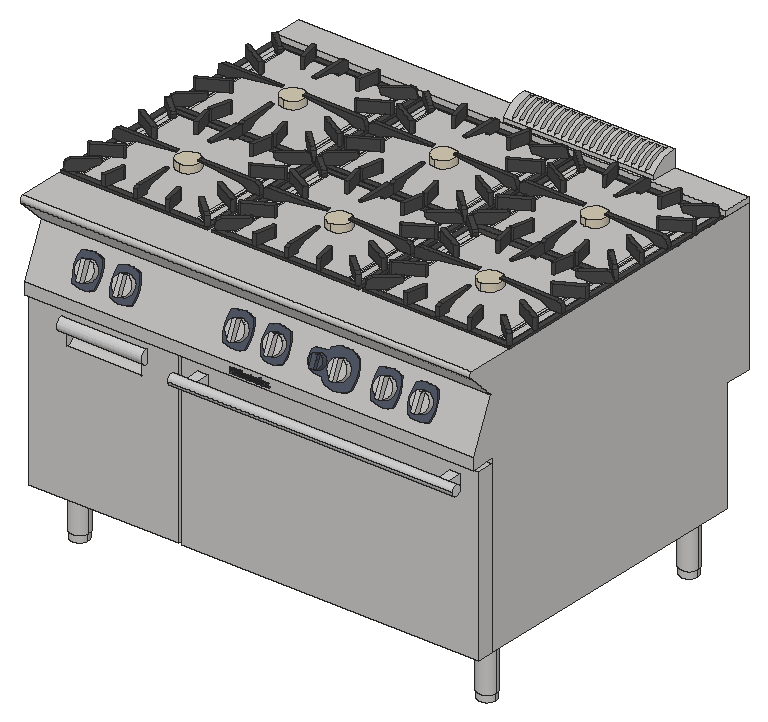
Revit family "QF_ELECTROLUXPROFESSIONAL_391583_E9AAOTBFMII", category Attrezzature speciali, Revit 2018 (continued)
Automatic sketch dimensions
  Extrusion 36 sketch curve to Extrusion 36 sketch curve = 0.503 mm
  plane 7 "Center Y" to Extrusion 36 sketch curve = 48.995 mm
  Extrusion 36 sketch curve to Extrusion 36 sketch curve = 0.488 mm
  plane 7 "Center Y" to Extrusion 36 sketch curve = 52.922 mm
  Extrusion 36 sketch curve to Extrusion 36 sketch curve = 0.462 mm
  Extrusion 36 sketch curve to Extrusion 36 sketch curve = 1.386 mm
  Extrusion 36 sketch curve to Extrusion 36 sketch curve = 1.742 mm
  Extrusion 36 sketch curve to Extrusion 36 sketch curve = 0.821 mm
  Extrusion 36 sketch curve to Extrusion 36 sketch curve = 0.497 mm
  Extrusion 36 sketch curve to Extrusion 36 sketch curve = 0.539 mm
  Extrusion 36 sketch curve to Extrusion 36 sketch curve = 0.686 mm
  Extrusion 36 sketch curve to plane 7 "Center Y" = 0.042 mm
  Extrusion 36 sketch curve to Extrusion 36 sketch curve = 0.408 mm
  Extrusion 36 sketch curve to Extrusion 36 sketch curve = 0.743 mm
  Extrusion 36 sketch curve to Extrusion 36 sketch curve = 1.16 mm
  Extrusion 36 sketch curve to Extrusion 36 sketch curve = 0.329 mm
  Extrusion 36 sketch curve to Extrusion 36 sketch curve = 1.054 mm
  Extrusion 36 sketch curve to Extrusion 36 sketch curve = 1.056 mm
  Extrusion 36 sketch curve to Extrusion 36 sketch curve = 0.129 mm
  Extrusion 36 sketch curve to Extrusion 36 sketch curve = 0.489 mm
  Extrusion 36 sketch curve to plane 7 "Center Y" = 0.376 mm
  Extrusion 36 sketch curve to Extrusion 36 sketch curve = 0.441 mm
  Extrusion 36 sketch curve to Extrusion 36 sketch curve = 1.151 mm
  Extrusion 36 sketch curve to Extrusion 36 sketch curve = 1.141 mm  (x2)
  Extrusion 36 sketch curve to Extrusion 36 sketch curve = 0.768 mm
  Extrusion 36 sketch curve to Extrusion 36 sketch curve = 1.653 mm
  Extrusion 36 sketch curve to Extrusion 36 sketch curve = 0.499 mm
  Extrusion 36 sketch curve to Extrusion 36 sketch curve = 0.964 mm
  Extrusion 36 sketch curve to Extrusion 36 sketch curve = 0.949 mm
  Extrusion 36 sketch curve to Extrusion 36 sketch curve = 1.345 mm  (x3)
  Extrusion 36 sketch curve to Extrusion 36 sketch curve = 1.101 mm
  Extrusion 36 sketch curve to Extrusion 36 sketch curve = 0.432 mm
  Extrusion 36 sketch curve to Extrusion 36 sketch curve = 1.142 mm
  Extrusion 36 sketch curve to Extrusion 36 sketch curve = 0.959 mm
  Extrusion 36 sketch curve to Extrusion 36 sketch curve = 0.176 mm
  Extrusion 36 sketch curve to Extrusion 36 sketch curve = 0.728 mm
  Extrusion 36 sketch curve to Extrusion 36 sketch curve = 3.375 mm  (x2)
  Extrusion 36 sketch curve to Extrusion 36 sketch curve = 0.541 mm
  Extrusion 36 sketch curve to Extrusion 36 sketch curve = 0.955 mm
  Extrusion 36 sketch curve to Extrusion 36 sketch curve = 1.251 mm
  Extrusion 36 sketch curve to Extrusion 36 sketch curve = 0.572 mm
  plane 7 "Center Y" to Extrusion 36 sketch curve = 47.619 mm
  Extrusion 36 sketch curve to Extrusion 36 sketch curve = 1.92 mm
  Extrusion 36 sketch curve to Extrusion 36 sketch curve = 1.224 mm
  Extrusion 36 sketch curve to Extrusion 36 sketch curve = 0.745 mm
  Extrusion 36 sketch curve to Extrusion 36 sketch curve = 0.036 mm
  Extrusion 36 sketch curve to Extrusion 36 sketch curve = 0.896 mm  (x3)
  Extrusion 36 sketch curve to Extrusion 36 sketch curve = 2.607 mm
  Extrusion 36 sketch curve to Extrusion 36 sketch curve = 0.066 mm
  Extrusion 36 sketch curve to Extrusion 36 sketch curve = 0.248 mm
  Extrusion 36 sketch curve to Extrusion 36 sketch curve = 0.449 mm
  plane 7 "Center Y" to Extrusion 36 sketch curve = 46.838 mm
  Extrusion 36 sketch curve to Extrusion 36 sketch curve = 1.052 mm
  Extrusion 36 sketch curve to Extrusion 36 sketch curve = 1.863 mm
  Extrusion 36 sketch curve to Extrusion 36 sketch curve = 1.31 mm  (x2)
  Extrusion 36 sketch curve to Extrusion 36 sketch curve = 0.901 mm
  Extrusion 36 sketch curve to Extrusion 36 sketch curve = 1.107 mm
  Extrusion 36 sketch curve to Extrusion 36 sketch curve = 2.122 mm
  Extrusion 36 sketch curve to Extrusion 36 sketch curve = 2.101 mm
  Extrusion 36 sketch curve to Extrusion 36 sketch curve = 0.106 mm
  Extrusion 36 sketch curve to Extrusion 36 sketch curve = 0.029 mm
  plane 7 "Center Y" to Extrusion 36 sketch curve = 49.641 mm
  Extrusion 36 sketch curve to Extrusion 36 sketch curve = 2.09 mm
  Extrusion 36 sketch curve to Extrusion 36 sketch curve = 1.279 mm
  Extrusion 36 sketch curve to Extrusion 36 sketch curve = 2.008 mm
  Extrusion 36 sketch curve to Extrusion 36 sketch curve = 0.738 mm
  Extrusion 36 sketch curve to Extrusion 36 sketch curve = 0.382 mm
  Extrusion 36 sketch curve to Extrusion 36 sketch curve = 0.384 mm
  Extrusion 36 sketch curve to Extrusion 36 sketch curve = 0.002 mm
  Extrusion 36 sketch curve to Extrusion 36 sketch curve = 0.561 mm
  Extrusion 36 sketch curve to Extrusion 36 sketch curve = 0.592 mm
  Extrusion 36 sketch curve to Extrusion 36 sketch curve = 2.692 mm
  Extrusion 36 sketch curve to Extrusion 36 sketch curve = 1.259 mm
  plane 7 "Center Y" to Extrusion 36 sketch curve = 48.858 mm
  Extrusion 36 sketch curve to Extrusion 36 sketch curve = 0.802 mm
  Extrusion 36 sketch curve to Extrusion 36 sketch curve = 1.024 mm
  Extrusion 36 sketch curve to Extrusion 36 sketch curve = 0.682 mm
  Extrusion 36 sketch curve to Extrusion 36 sketch curve = 5.934 mm
  Extrusion 36 sketch curve to Extrusion 36 sketch curve = 2.186 mm
  Extrusion 36 sketch curve to Extrusion 36 sketch curve = 0.337 mm
  Extrusion 36 sketch curve to Extrusion 36 sketch curve = 0.021 mm
  Extrusion 36 sketch curve to Extrusion 36 sketch curve = 1.005 mm
  Extrusion 36 sketch curve to Extrusion 36 sketch curve = 0.552 mm
  Extrusion 36 sketch curve to Extrusion 36 sketch curve = 0.778 mm
  Extrusion 36 sketch curve to Extrusion 36 sketch curve = 0.063 mm
  Extrusion 36 sketch curve to Extrusion 36 sketch curve = 1.023 mm
  Extrusion 36 sketch curve to Extrusion 36 sketch curve = 3.804 mm
  Extrusion 36 sketch curve to Extrusion 36 sketch curve = 0.486 mm
  Extrusion 36 sketch curve to Extrusion 36 sketch curve = 0.266 mm
  Extrusion 36 sketch curve to plane 7 "Center Y" = 0.787 mm
  Extrusion 36 sketch curve to Extrusion 36 sketch curve = 1.547 mm
  Extrusion 36 sketch curve to Extrusion 36 sketch curve = 0.717 mm  (x2)
  Extrusion 36 sketch curve to Extrusion 36 sketch curve = 1.667 mm
  plane 7 "Center Y" to Extrusion 36 sketch curve = 44.532 mm
  Extrusion 36 sketch curve to Extrusion 36 sketch curve = 3.174 mm
  plane 7 "Center Y" to Extrusion 36 sketch curve = 0.368 mm
  Extrusion 36 sketch curve to Extrusion 36 sketch curve = 0.388 mm
  Extrusion 36 sketch curve to Extrusion 36 sketch curve = 1.342 mm
  plane 7 "Center Y" to Extrusion 36 sketch curve = 50.135 mm
  Extrusion 36 sketch curve to Extrusion 36 sketch curve = 1.521 mm
  plane 7 "Center Y" to Extrusion 36 sketch curve = 51.694 mm
  Extrusion 36 sketch curve to Extrusion 36 sketch curve = 0.124 mm
  Extrusion 36 sketch curve to Extrusion 36 sketch curve = 0.291 mm
  plane 7 "Center Y" to Extrusion 36 sketch curve = 7.285 mm
  Extrusion 36 sketch curve to Extrusion 36 sketch curve = 1.049 mm  (x2)
  plane 7 "Center Y" to Extrusion 36 sketch curve = 47.668 mm
  Extrusion 36 sketch curve to Extrusion 36 sketch curve = 1.7 mm
  Extrusion 36 sketch curve to Extrusion 36 sketch curve = 0.894 mm
  Extrusion 36 sketch curve to Extrusion 36 sketch curve = 0.989 mm
  Extrusion 36 sketch curve to Extrusion 36 sketch curve = 1.168 mm
  Extrusion 36 sketch curve to Extrusion 36 sketch curve = 1.594 mm
  Extrusion 36 sketch curve to Extrusion 36 sketch curve = 0.731 mm
  Extrusion 36 sketch curve to Extrusion 36 sketch curve = 1.566 mm
  Extrusion 36 sketch curve to Extrusion 36 sketch curve = 0.064 mm
  plane 7 "Center Y" to Extrusion 36 sketch curve = 7.842 mm
  Extrusion 36 sketch curve to Extrusion 36 sketch curve = 0.556 mm
  Extrusion 36 sketch curve to Extrusion 36 sketch curve = 0.48 mm
  Extrusion 36 sketch curve to Extrusion 36 sketch curve = 0.228 mm
  Extrusion 36 sketch curve to Extrusion 36 sketch curve = 1.018 mm
  plane 7 "Center Y" to Extrusion 36 sketch curve = 37.429 mm
  Extrusion 36 sketch curve to Extrusion 36 sketch curve = 0.787 mm
  Extrusion 36 sketch curve to Extrusion 36 sketch curve = 0.618 mm
  plane 7 "Center Y" to Extrusion 36 sketch curve = 42.486 mm
  Extrusion 36 sketch curve to Extrusion 36 sketch curve = 1.672 mm
  plane 7 "Center Y" to Extrusion 36 sketch curve = 53.436 mm
  Extrusion 36 sketch curve to Extrusion 36 sketch curve = 1.361 mm
  Extrusion 36 sketch curve to Extrusion 36 sketch curve = 0.822 mm
  Extrusion 36 sketch curve to Extrusion 36 sketch curve = 0.069 mm
  Extrusion 36 sketch curve to Extrusion 36 sketch curve = 1.88 mm
  plane 7 "Center Y" to Extrusion 36 sketch curve = 35.269 mm
  Extrusion 36 sketch curve to Extrusion 36 sketch curve = 0.42 mm
  Extrusion 36 sketch curve to Extrusion 36 sketch curve = 0.062 mm
  Extrusion 36 sketch curve to Extrusion 36 sketch curve = 1.355 mm
  Extrusion 36 sketch curve to Extrusion 36 sketch curve = 2.34 mm
  Extrusion 36 sketch curve to Extrusion 36 sketch curve = 0.493 mm
  Extrusion 36 sketch curve to Extrusion 36 sketch curve = 0.136 mm
  Extrusion 36 sketch curve to Extrusion 36 sketch curve = 0.128 mm
  Extrusion 36 sketch curve to Extrusion 36 sketch curve = 3.616 mm
  Extrusion 36 sketch curve to Extrusion 36 sketch curve = 4.207 mm
  Extrusion 36 sketch curve to Extrusion 36 sketch curve = 0.183 mm
  Extrusion 36 sketch curve to Extrusion 36 sketch curve = 0.895 mm
  Extrusion 36 sketch curve to Extrusion 36 sketch curve = 1.314 mm
  Extrusion 36 sketch curve to Extrusion 36 sketch curve = 3.231 mm
  Extrusion 36 sketch curve to plane 7 "Center Y" = 23.526 mm
  Extrusion 36 sketch curve to Extrusion 36 sketch curve = 1.299 mm
  Extrusion 36 sketch curve to Extrusion 36 sketch curve = 1.214 mm
  plane 7 "Center Y" to Extrusion 36 sketch curve = 26.369 mm
  Extrusion 36 sketch curve to Extrusion 36 sketch curve = 1.264 mm
  Extrusion 36 sketch curve to Extrusion 36 sketch curve = 0.109 mm
  Extrusion 36 sketch curve to Extrusion 36 sketch curve = 0.357 mm
  Extrusion 36 sketch curve to Extrusion 36 sketch curve = 0.565 mm
  Extrusion 36 sketch curve to Extrusion 36 sketch curve = 2.504 mm
  Extrusion 36 sketch curve to Extrusion 36 sketch curve = 2.459 mm
  Extrusion 36 sketch curve to Extrusion 36 sketch curve = 0.983 mm
  Extrusion 36 sketch curve to Extrusion 36 sketch curve = 0.422 mm  (x2)
  Extrusion 36 sketch curve to Extrusion 36 sketch curve = 1.268 mm
  Extrusion 36 sketch curve to Extrusion 36 sketch curve = 0.671 mm
  Extrusion 36 sketch curve to Extrusion 36 sketch curve = 1.634 mm
  Extrusion 36 sketch curve to Extrusion 36 sketch curve = 0.132 mm
  Extrusion 36 sketch curve to Extrusion 36 sketch curve = 0.586 mm
  Extrusion 36 sketch curve to Extrusion 36 sketch curve = 1.241 mm
  Extrusion 36 sketch curve to Extrusion 36 sketch curve = 1.689 mm
  Extrusion 36 sketch curve to Extrusion 36 sketch curve = 0.627 mm
  Extrusion 36 sketch curve to Extrusion 36 sketch curve = 0.419 mm
  Extrusion 36 sketch curve to Extrusion 36 sketch curve = 1.514 mm
  Extrusion 36 sketch curve to Extrusion 36 sketch curve = 1.019 mm
  Extrusion 36 sketch curve to Extrusion 36 sketch curve = 0.065 mm
  Extrusion 36 sketch curve to Extrusion 36 sketch curve = 1.215 mm
  Extrusion 36 sketch curve to Extrusion 36 sketch curve = 1.122 mm
  Extrusion 36 sketch curve to Extrusion 36 sketch curve = 1.153 mm
  Extrusion 36 sketch curve to Extrusion 36 sketch curve = 1.223 mm
  Extrusion 36 sketch curve to Extrusion 36 sketch curve = 0.934 mm
  Extrusion 36 sketch curve to Extrusion 36 sketch curve = 3.376 mm
  Extrusion 36 sketch curve to Extrusion 36 sketch curve = 0.222 mm
  Extrusion 36 sketch curve to Extrusion 36 sketch curve = 1.383 mm
  Extrusion 36 sketch curve to Extrusion 36 sketch curve = 1.556 mm
  Extrusion 36 sketch curve to Extrusion 36 sketch curve = 2.559 mm
  Extrusion 36 sketch curve to Extrusion 36 sketch curve = 2.51 mm
  Extrusion 36 sketch curve to Extrusion 36 sketch curve = 0.131 mm
  Extrusion 36 sketch curve to Extrusion 36 sketch curve = 1.134 mm
  Extrusion 36 sketch curve to Extrusion 36 sketch curve = 0.094 mm
  Extrusion 36 sketch curve to Extrusion 36 sketch curve = 1.584 mm
  Extrusion 36 sketch curve to Extrusion 36 sketch curve = 0.27 mm
  Extrusion 36 sketch curve to Extrusion 36 sketch curve = 0.916 mm
  Extrusion 36 sketch curve to Extrusion 36 sketch curve = 0.352 mm
  Extrusion 36 sketch curve to Extrusion 36 sketch curve = 0.458 mm
  Extrusion 36 sketch curve to Extrusion 36 sketch curve = 1.282 mm
  Extrusion 36 sketch curve to Extrusion 36 sketch curve = 1.363 mm
  Extrusion 36 sketch curve to Extrusion 36 sketch curve = 0.685 mm
  Extrusion 36 sketch curve to Extrusion 36 sketch curve = 0.905 mm
  Extrusion 36 sketch curve to Extrusion 36 sketch curve = 1.477 mm
  Extrusion 36 sketch curve to Extrusion 36 sketch curve = 0.472 mm
  Extrusion 36 sketch curve to Extrusion 36 sketch curve = 0.101 mm
  Extrusion 36 sketch curve to Extrusion 36 sketch curve = 0.54 mm
  Extrusion 36 sketch curve to Extrusion 36 sketch curve = 0.02 mm
  Extrusion 36 sketch curve to Extrusion 36 sketch curve = 0.829 mm
  Extrusion 36 sketch curve to Extrusion 36 sketch curve = 0.582 mm
  Extrusion 36 sketch curve to Extrusion 36 sketch curve = 0.166 mm
  Extrusion 36 sketch curve to Extrusion 36 sketch curve = 0.16 mm
  Extrusion 36 sketch curve to Extrusion 36 sketch curve = 1.118 mm
  Extrusion 36 sketch curve to Extrusion 36 sketch curve = 0.613 mm
  Extrusion 36 sketch curve to Extrusion 36 sketch curve = 0.781 mm
  Extrusion 36 sketch curve to Extrusion 36 sketch curve = 0.361 mm
  Extrusion 36 sketch curve to Extrusion 36 sketch curve = 0.897 mm
  Extrusion 36 sketch curve to Extrusion 36 sketch curve = 0.167 mm
  Extrusion 36 sketch curve to Extrusion 36 sketch curve = 0.292 mm
  Extrusion 36 sketch curve to Extrusion 36 sketch curve = 0.305 mm
  Extrusion 36 sketch curve to Extrusion 36 sketch curve = 1.557 mm
  Extrusion 36 sketch curve to Extrusion 36 sketch curve = 2.499 mm
  Extrusion 36 sketch curve to Extrusion 36 sketch curve = 3.062 mm
  Extrusion 36 sketch curve to Extrusion 36 sketch curve = 2.968 mm
  Extrusion 36 sketch curve to Extrusion 36 sketch curve = 5.044 mm
  Extrusion 36 sketch curve to Extrusion 36 sketch curve = 0.629 mm  (x2)
  Extrusion 36 sketch curve to Extrusion 36 sketch curve = 1.131 mm
  Extrusion 36 sketch curve to Extrusion 36 sketch curve = 0.137 mm
  Extrusion 36 sketch curve to Extrusion 36 sketch curve = 0.027 mm
  Extrusion 36 sketch curve to Extrusion 36 sketch curve = 2.046 mm
  Extrusion 36 sketch curve to Extrusion 36 sketch curve = 2.235 mm
  Revolve 37 sketch curve to plane 9 "Base" = 0 mm  (x2)
  Revolve 37 sketch curve to level = 0 mm
  Revolve 37 sketch curve to plane 18 = 0 mm  (x2)
  Revolve 37 sketch curve to Revolve 37 sketch curve = 22.9 mm
  Revolve 37 sketch curve to Revolve 37 sketch curve = 2.5 mm
  plane 9 "Base" to Revolve 37 sketch curve = 20 mm
  level to Revolve 37 sketch curve = 19.05 mm
  Revolve 38 sketch curve to plane 9 "Base" = 0 mm  (x2)
  Revolve 38 sketch curve to level = 0 mm
  Revolve 38 sketch curve to plane 18 = 0 mm  (x2)
  Revolve 38 sketch curve to Revolve 38 sketch curve = 22.9 mm
  Revolve 38 sketch curve to Revolve 38 sketch curve = 2.5 mm
  plane 9 "Base" to Revolve 38 sketch curve = 20 mm
  level to Revolve 38 sketch curve = 19.05 mm
  plane 1 "BACK" to Extrusion 39 sketch curve = 63.911 mm  (x2)
  Extrusion 39 sketch curve to plane 18 = 156.447 mm
  Extrusion 39 sketch curve to Extrusion 39 sketch curve = 9.296 mm  (x20)
  Extrusion 39 sketch curve to Extrusion 39 sketch curve = 9.397 mm  (x19)
  Extrusion 39 sketch curve to Extrusion 39 sketch curve = 0 mm  (x18)
  plane 1 "BACK" to Extrusion 39 sketch curve = 6.761 mm  (x20)
  Revolve 40 sketch curve to plane 9 "Base" = 0 mm  (x2)
  Revolve 40 sketch curve to level = 0 mm
  plane 17 to Revolve 40 sketch curve = 0 mm  (x2)
  plane 17 to Revolve 40 sketch curve = 22.9 mm
  Revolve 40 sketch curve to Revolve 40 sketch curve = 2.5 mm
  level to Revolve 40 sketch curve = 19.05 mm
  plane 9 "Base" to Revolve 40 sketch curve = 20 mm
  Revolve 41 sketch curve to plane 9 "Base" = 0 mm  (x2)
  Revolve 41 sketch curve to level = 0 mm
  plane 17 to Revolve 41 sketch curve = 0 mm  (x2)
  plane 17 to Revolve 41 sketch curve = 22.9 mm
  Revolve 41 sketch curve to Revolve 41 sketch curve = 2.5 mm
  level to Revolve 41 sketch curve = 19.05 mm
  plane 9 "Base" to Revolve 41 sketch curve = 20 mm
  radius of Extrusion 4 sketch curve = 6.4 mm
  radius of Extrusion 9 sketch curve = 12.7 mm
  radius of Extrusion 13 sketch curve = 25.4 mm
  radius of Extrusion 14 sketch curve to Extrusion 13 = 0 mm  (x2)
  radius of Extrusion 16 sketch curve = 25.4 mm
  radius of Extrusion 17 sketch curve to Extrusion 16 = 0 mm  (x2)
  radius of Extrusion 18 sketch curve = 18.37 mm
  radius of Extrusion 21 sketch curve = 25.4 mm
  radius of Extrusion 22 sketch curve to Extrusion 21 = 0 mm  (x2)
  radius of Extrusion 24 sketch curve = 25.4 mm
  radius of Extrusion 25 sketch curve to Extrusion 24 = 0 mm  (x2)
  radius of Extrusion 28 sketch curve = 25.4 mm
  radius of Extrusion 29 sketch curve to Extrusion 28 = 0 mm  (x2)
  radius of Extrusion 31 sketch curve = 25.4 mm
  radius of Extrusion 32 sketch curve to Extrusion 31 = 0 mm  (x2)
  radius of Extrusion 34 sketch curve = 25.4 mm
  radius of Extrusion 35 sketch curve to Extrusion 34 = 0 mm  (x2)
Nested families
  nested 1: "371009_BURNER" at (0, -440.6, 0), type "371009_BURNER"
    with Type Mark "", Status "", Specification by User "", Revision Code "", Item Number "", Installed By "", Identify Quantity as Lot yes, Furnished By "", Foodservice Equipment Identifier yes
  nested 2: "371009_BURNER" at (403.15, -440.6, 0), type "371009_BURNER"
    with Type Mark "", Status "", Specification by User "", Revision Code "", Item Number "", Installed By "", Identify Quantity as Lot yes, Furnished By "", Foodservice Equipment Identifier yes
  nested 3: "371009_BURNER" at (1200, -440.6, 0) x (-1, 0, 0) z (0, 0, 1), type "371009_BURNER"
    with Type Mark "", Status "", Specification by User "", Revision Code "", Item Number "", Installed By "", Identify Quantity as Lot yes, Furnished By "", Foodservice Equipment Identifier yes
  nested 4: "371009_BURNER" at (0, -440.6, 0), type "371009_BURNER"
    with Type Mark "", Status "", Specification by User "", Revision Code "", Item Number "", Installed By "", Identify Quantity as Lot yes, Furnished By "", Foodservice Equipment Identifier yes
  nested 5: "371009_BURNER" at (403.15, -440.6, 0), type "371009_BURNER"
    with Type Mark "", Status "", Specification by User "", Revision Code "", Item Number "", Installed By "", Identify Quantity as Lot yes, Furnished By "", Foodservice Equipment Identifier yes
  nested 6: "371009_BURNER" at (1200, -440.6, 0) x (-1, 0, 0) z (0, 0, 1), type "371009_BURNER"
    with Type Mark "", Status "", Specification by User "", Revision Code "", Item Number "", Installed By "", Identify Quantity as Lot yes, Furnished By "", Foodservice Equipment Identifier yes
Connectors
  piping at (1149, -665, 129), diameter 12.7
    settings: on Extrusion 4, index 1, connector inside diameter 0.50394", connector length 0 mm, flow factor 0, pipe flow 0 GPM, pressure drop 0.00 psi, fitting loss kfactor 0, connector angle 0.00°, fixture units 0, engagement length 0 mm, angle of deflection 0.00°, flow configuration 1, flow direction 1, fitting loss method 0, system type 7, joint type 0, gender type 0, connector reference index -1, connector utility 0, adjustable connector no, is connector primary yes, connector description "GAS CONNECTION"
Definition of nested family "371009_BURNER"
  Parameters
    Weight in Pounds = 0
    URL Cutsheet = ""
    URL = "www.electrolux.com"
    Type Mark [instance] = ""
    Status [instance] = ""
    Specification by User [instance] = ""
    Specification by Manufacturer = ""
    Show Clearance [instance] = yes
    Serial Number = ""
    Seismic Rating = ""
    SMACNA No = ""
    Revision Code [instance] = ""
    Omniclass Number and Title = ""
    NAFEM Spec ID Number = ""
    Model = "371009"
    Masterspec = ""
    Manufacturer = "ELECTROLUX"
    Item Number [instance] = ""
    Installed By [instance] = ""
    Identify Quantity as Lot [instance] = yes
    Furnished By [instance] = ""
    Foodservice Equipment Identifier [instance] = yes
    Description = ""
    CSI MasterFormat = ""
    CSI Master Format = ""
  Reference planes
    plane 1 "BACK": y = 0
    plane 2: z = 0
    plane 3 "LEFT": x = 0
    plane 4 "RIGHT": x = 393.7
    plane 5 "FRONT": y = -355.6
    plane 6 "TOP": z = 908.85
    plane 7 "Center Y": x = 196.85
    plane 8 "Center X": y = -177.8
    plane 9 "Base": z = 150
    plane 10: z = 850.85
  Forms (mm)
    Extrusion 1, solid
      sketch origin (-6.433, -404.961, 5) x (1, 0, 0) y (0, 0, -1)
        loop
          arc (7.142, -850.85) -> (6.739, -862.989) -> (9.761, -874.752) r 42.809
          line (9.761, -874.752) -> (19.961, -879.425) -> (173.122, -879.425)
          arc (173.122, -879.425) -> (174.316, -878.312) -> (173.289, -877.043) r 1.197
          line (173.289, -877.043) -> (64.848, -864.021)
          arc (64.848, -864.021) -> (50.111, -858.738) -> (36.589, -850.85) r 85.245
          line (36.589, -850.85) -> (7.142, -850.85)
        loop
          line (399.424, -850.85) -> (369.977, -850.85)
          arc (369.977, -850.85) -> (356.455, -858.738) -> (341.718, -864.021) r 85.245
          line (341.718, -864.021) -> (233.277, -877.043)
          arc (233.277, -877.043) -> (232.25, -878.312) -> (233.444, -879.425) r 1.197
          line (233.444, -879.425) -> (386.605, -879.425) -> (396.806, -874.752)
          arc (396.806, -874.752) -> (399.827, -862.989) -> (399.424, -850.85) r 42.809
      from 224.564 to 234.564
    Extrusion 2, solid
      sketch origin (196.85, 175.397, 1219.2) x (0, 1, 0) y (0, 0, 1)
        loop
          line (-204.463, -363.35) -> (-175.397, -363.35) -> (-175.397, -339.506)
          arc (-175.397, -339.506) -> (-181.025, -338.266) -> (-185.611, -334.775) r 13.39
          line (-185.611, -334.775) -> (-278.903, -334.775)
          arc (-278.903, -334.775) -> (-280.097, -335.888) -> (-279.07, -337.157) r 1.197
          line (-279.07, -337.157) -> (-227.151, -347.464)
          arc (-227.151, -347.464) -> (-213.741, -352.457) -> (-204.463, -363.35) r 28.426
        loop
          arc (-496.332, -363.35) -> (-487.053, -352.457) -> (-473.644, -347.464) r 28.426
          line (-473.644, -347.464) -> (-421.725, -337.157)
          arc (-421.725, -337.157) -> (-420.697, -335.888) -> (-421.891, -334.775) r 1.197
          line (-421.891, -334.775) -> (-515.184, -334.775)
          arc (-515.184, -334.775) -> (-519.769, -338.266) -> (-525.397, -339.506) r 13.39
          line (-525.397, -339.506) -> (-525.397, -363.35) -> (-496.332, -363.35)
      from -5 to 5
    Extrusion 3, solid
      sketch origin (-6.433, 367.064, 850.85) x (0, -1, 0) y (1, 0, 0)
        loop
          line (722.664, 6.433) -> (722.664, 400.133) -> (367.064, 400.133) -> (367.064, 6.433) -> (722.664, 6.433)
        loop
          line (382.064, 21.433) -> (707.664, 21.433) -> (707.664, 385.133) -> (382.064, 385.133) -> (382.064, 21.433)
      from 0 to 5
    Extrusion 4, solid
      sketch origin (-18.933, 367.064, 855.85) x (0, -1, 0) y (1, 0, 0)
        loop
          circle (541.667, 215.783) r 30
      from -1.321 to 17.134
    Extrusion 5, solid
      sketch origin (-6.433, -367.064, 0) x (1, 0, 0) y (0, 0, -1)
        loop
          line (21.433, -855.85) -> (36.589, -855.85)
          arc (36.589, -855.85) -> (40.561, -855.243) -> (44.305, -853.783) r 18.259
          arc (44.305, -853.783) -> (45.997, -853.366) -> (47.69, -853.783) r 3.649
          arc (47.69, -853.783) -> (49.901, -854.522) -> (52.232, -854.529) r 7.328
          line (52.232, -854.529) -> (354.334, -854.529)
          arc (354.334, -854.529) -> (356.666, -854.522) -> (358.877, -853.783) r 7.328
          arc (358.877, -853.783) -> (360.569, -853.366) -> (362.261, -853.783) r 3.649
          arc (362.261, -853.783) -> (366.005, -855.243) -> (369.977, -855.85) r 18.259
          line (369.977, -855.85) -> (385.133, -855.85) -> (385.133, -850.85) -> (21.433, -850.85) -> (21.433, -855.85)
      from 26.464 to 352.064
    Extrusion 6, solid
      sketch origin (83.284, -458.334, 5) x (0.742103, 0.670286, 0) y (0, 0, -1)
        loop
          arc (88.629, -864.012) -> (73.909, -858.731) -> (60.402, -850.85) r 85.245
          line (60.402, -850.85) -> (14.993, -850.85)
          arc (14.993, -850.85) -> (14.642, -862.948) -> (17.686, -874.663) r 42.876
          line (17.686, -874.663) -> (27.899, -879.425) -> (89.664, -879.425)
          arc (89.664, -879.425) -> (92.39, -878.352) -> (93.654, -875.709) r 4
          arc (93.654, -875.709) -> (92.562, -869.25) -> (88.629, -864.012) r 13.87
        loop
          arc (457.638, -864.012) -> (453.704, -869.25) -> (452.613, -875.709) r 13.87
          arc (452.613, -875.709) -> (453.876, -878.352) -> (456.603, -879.425) r 4
          line (456.603, -879.425) -> (518.367, -879.425) -> (528.581, -874.663)
          arc (528.581, -874.663) -> (531.624, -862.948) -> (531.273, -850.85) r 42.876
          line (531.273, -850.85) -> (485.865, -850.85)
          arc (485.865, -850.85) -> (472.357, -858.731) -> (457.638, -864.012) r 85.245
      from 127.064 to 137.064
    Extrusion 7, solid
      sketch origin (310.416, -458.334, 5) x (-0.742103, 0.670286, 0) y (0, 0, 1)
        loop
          arc (88.629, 864.012) -> (92.562, 869.25) -> (93.654, 875.709) r 13.87
          arc (93.654, 875.709) -> (92.39, 878.352) -> (89.664, 879.425) r 4
          line (89.664, 879.425) -> (27.899, 879.425) -> (17.686, 874.663)
          arc (17.686, 874.663) -> (14.642, 862.948) -> (14.993, 850.85) r 42.876
          line (14.993, 850.85) -> (60.402, 850.85)
          arc (60.402, 850.85) -> (73.909, 858.731) -> (88.629, 864.012) r 85.245
        loop
          arc (457.638, 864.012) -> (472.357, 858.731) -> (485.865, 850.85) r 85.245
          line (485.865, 850.85) -> (531.273, 850.85)
          arc (531.273, 850.85) -> (531.624, 862.948) -> (528.581, 874.663) r 42.876
          line (528.581, 874.663) -> (518.367, 879.425) -> (456.603, 879.425)
          arc (456.603, 879.425) -> (453.876, 878.352) -> (452.613, 875.709) r 4
          arc (452.613, 875.709) -> (453.704, 869.25) -> (457.638, 864.012) r 13.87
      from 127.064 to 137.064
    Extrusion 8, solid
      sketch origin (-6.433, 367.064, 855.85) x (0, -1, 0) y (1, 0, 0)
        loop
          arc (626.166, 9.428) -> (632.956, 7.454) -> (634.93, 14.244) r 5
          line (634.93, 14.244) -> (600.514, 76.878)
          arc (600.514, 76.878) -> (593.724, 78.852) -> (591.75, 72.062) r 5
          line (591.75, 72.062) -> (626.166, 9.428)
        loop
          line (463.562, 9.428) -> (497.977, 72.062)
          arc (497.977, 72.062) -> (496.003, 78.852) -> (489.213, 76.878) r 5
          line (489.213, 76.878) -> (454.798, 14.244)
          arc (454.798, 14.244) -> (456.772, 7.454) -> (463.562, 9.428) r 5
        loop
          line (626.166, 397.138) -> (591.75, 334.504)
          arc (591.75, 334.504) -> (593.724, 327.714) -> (600.514, 329.689) r 5
          line (600.514, 329.689) -> (634.93, 392.323)
          arc (634.93, 392.323) -> (632.956, 399.113) -> (626.166, 397.138) r 5
        loop
          arc (463.562, 397.138) -> (456.772, 399.113) -> (454.798, 392.323) r 5
          line (454.798, 392.323) -> (489.213, 329.689)
          arc (489.213, 329.689) -> (496.003, 327.714) -> (497.977, 334.504) r 5
          line (497.977, 334.504) -> (463.562, 397.138)
        loop
          line (715.14, 293.499) -> (666.703, 282.317)
          arc (666.703, 282.317) -> (662.956, 276.32) -> (668.953, 272.573) r 5
          line (668.953, 272.573) -> (717.389, 283.756)
          arc (717.389, 283.756) -> (721.136, 289.752) -> (715.14, 293.499) r 5
        loop
          arc (715.14, 113.067) -> (721.136, 116.814) -> (717.389, 122.811) r 5
          line (717.389, 122.811) -> (668.953, 133.993)
          arc (668.953, 133.993) -> (662.956, 130.246) -> (666.703, 124.249) r 5
          line (666.703, 124.249) -> (715.14, 113.067)
        loop
          arc (374.588, 293.499) -> (368.591, 289.752) -> (372.338, 283.756) r 5
          line (372.338, 283.756) -> (420.775, 272.573)
          arc (420.775, 272.573) -> (426.771, 276.32) -> (423.024, 282.317) r 5
          line (423.024, 282.317) -> (374.588, 293.499)
        loop
          line (374.588, 113.067) -> (423.024, 124.249)
          arc (423.024, 124.249) -> (426.771, 130.246) -> (420.775, 133.993) r 5
          line (420.775, 133.993) -> (372.338, 122.811)
          arc (372.338, 122.811) -> (368.591, 116.814) -> (374.588, 113.067) r 5
      from 0 to 28.575
  Lines and regions (mm)
    symbolic lines
      curve 1: line (0, -355.6, 150) -> (393.7, -355.6, 150)
      curve 2: line (0, 0, 150) -> (0, -355.6, 150)
      curve 3: line (393.7, -355.6, 150) -> (393.7, 0, 150)
      curve 4: line (369.633, -15, 150) -> (285.34, -15, 150)
      curve 5: line (24.067, -340.6, 150) -> (108.36, -340.6, 150)
      curve 6: line (157.475, -170.397, 150) -> (157.475, -15, 150)
      curve 7: line (236.225, -170.397, 150) -> (236.225, -15, 150)
      curve 8: line (201.85, -350, 150) -> (201.85, -176.674, 150)
      curve 9: line (0, -180.397, 150) -> (167.224, -180.397, 150)
      curve 10: line (393.7, -170.397, 150) -> (228.275, -170.397, 150)
      curve 11: line (15, -180.397, 150) -> (15, -252.506, 150)
      curve 12: line (45.799, -340.6, 150) -> (45.799, -320.971, 150)
      curve 13: line (167.224, -170.397, 150) -> (0, -170.397, 150)
      curve 14: line (228.275, -180.504, 150) -> (393.7, -180.504, 150)
      curve 15: arc (228.275, -170.397, 150) -> (223.221, -175.45, 150) -> (228.275, -180.504, 150) r 5.054
      curve 16: arc (167.224, -170.397, 150) -> (172.224, -175.397, 150) -> (167.224, -180.397, 150) r 5
      curve 17: line (191.85, -176.674, 150) -> (191.85, -350, 150)
      curve 18: line (201.85, -134.556, 150) -> (201.85, -0.794, 150)
      curve 19: arc (201.85, -176.674, 150) -> (196.85, -171.674, 150) -> (191.85, -176.674, 150) r 5
      curve 20: arc (201.85, -134.556, 150) -> (196.85, -139.556, 150) -> (191.85, -134.556, 150) r 5
      curve 21: line (191.85, -15, 150) -> (118.623, -15, 150)
      curve 22: arc (201.85, -29.042, 150) -> (213.272, -50.008, 150) -> (201.85, -70.973, 150) r 24.953
      curve 23: arc (213.086, -53.048, 150) -> (214.5, -50.008, 150) -> (213.086, -46.967, 150) r 3.975
      curve 24: arc (191.85, -29.852, 150) -> (181.339, -50.008, 150) -> (191.85, -70.163, 150) r 24.58
      curve 25: arc (181.527, -53.042, 150) -> (179.976, -50.008, 150) -> (181.527, -46.973, 150) r 3.745
      curve 26: line (191.85, -0.794, 150) -> (191.85, -134.556, 150)
      curve 27: line (191.85, -350, 150) -> (201.85, -350, 150)
      curve 28: line (191.85, -11.007, 150) -> (201.85, -11.007, 150)
      curve 29: line (191.85, -0.794, 150) -> (201.85, -0.794, 150)
      curve 30: line (201.85, -340.6, 150) -> (275.077, -340.6, 150)
      curve 31: arc (196.85, -145.397, 0) -> (166.955, -172.888, 0) -> (191.85, -204.977, 0) r 30
      curve 32: arc (201.85, -204.977, 0) -> (226.745, -172.888, 0) -> (196.85, -145.397, 0) r 30
      curve 33: arc (158.678, -180.397, 0) -> (170.734, -200.207, 0) -> (191.85, -209.795, 0) r 39.375
      curve 34: line (163.825, -170.397, 150) -> (163.825, -15, 150)
      curve 35: line (229.875, -170.397, 150) -> (229.875, -15, 150)
      curve 36: line (144.775, -170.397, 150) -> (144.775, -15, 150)
      curve 37: line (248.925, -170.397, 150) -> (248.925, -15, 150)
      curve 38: arc (145.678, -180.397, 0) -> (161.728, -209.187, 0) -> (191.85, -222.573, 0) r 52.075
      curve 39: arc (201.85, -209.795, 0) -> (222.966, -200.207, 0) -> (235.022, -180.397, 0) r 39.375
      curve 40: arc (201.85, -222.573, 0) -> (231.931, -209.224, 0) -> (248.001, -180.504, 0) r 52.075
      curve 41: line (393.7, 0, 0) -> (0, 0, 0)
      curve 42: line (70.445, -122.149, 0) -> (7.81, -87.734, 0)
      curve 43: arc (7.81, -87.734, 0) -> (1.021, -89.708, 0) -> (2.995, -96.498, 0) r 5
      curve 44: line (2.995, -96.498, 0) -> (65.629, -130.914, 0)
      curve 45: arc (65.629, -130.914, 0) -> (72.419, -128.939, 0) -> (70.445, -122.149, 0) r 5
      curve 46: line (65.629, -224.686, 0) -> (2.995, -259.102, 0)
      curve 47: arc (2.995, -259.102, 0) -> (1.021, -265.892, 0) -> (7.81, -267.866, 0) r 5
      curve 48: line (7.81, -267.866, 0) -> (70.445, -233.451, 0)
      curve 49: arc (70.445, -233.451, 0) -> (72.419, -226.661, 0) -> (65.629, -224.686, 0) r 5
      curve 50: line (323.255, -122.149, 0) -> (385.89, -87.734, 0)
      curve 51: arc (385.89, -87.734, 0) -> (392.679, -89.708, 0) -> (390.705, -96.498, 0) r 5
      curve 52: line (390.705, -96.498, 0) -> (328.071, -130.914, 0)
      curve 53: arc (328.071, -130.914, 0) -> (321.281, -128.939, 0) -> (323.255, -122.149, 0) r 5
      curve 54: line (328.071, -224.686, 0) -> (390.705, -259.102, 0)
      curve 55: arc (390.705, -259.102, 0) -> (392.679, -265.892, 0) -> (385.89, -267.866, 0) r 5
      curve 56: line (385.89, -267.866, 0) -> (323.255, -233.451, 0)
      curve 57: arc (323.255, -233.451, 0) -> (321.281, -226.661, 0) -> (328.071, -224.686, 0) r 5
      curve 58: line (118.623, -340.6, 150) -> (191.85, -340.6, 150)
      curve 59: line (285.34, -340.6, 150) -> (369.633, -340.6, 150)
      curve 60: line (378.7, -335.314, 0) -> (378.7, -263.916, 0)
      curve 61: line (1.326, -7.935, 0) -> (58.752, -59.804, 0)
      curve 62: line (65.455, -52.383, 0) -> (8.029, -0.514, 0)
      curve 63: arc (58.752, -59.804, 0) -> (65.814, -59.445, 0) -> (65.455, -52.383, 0) r 5
      curve 64: line (1.326, -7.935, 0) -> (8.029, -0.514, 0)
      curve 65: line (392.374, -7.935, 0) -> (334.948, -59.804, 0)
      curve 66: line (328.245, -52.383, 0) -> (385.671, -0.514, 0)
      curve 67: arc (334.948, -59.804, 0) -> (327.886, -59.445, 0) -> (328.245, -52.383, 0) r 5
      curve 68: line (392.374, -7.935, 0) -> (385.671, -0.514, 0)
      curve 69: line (392.374, -347.665, 0) -> (334.948, -295.796, 0)
      curve 70: line (328.245, -303.217, 0) -> (385.671, -355.086, 0)
      curve 71: arc (334.948, -295.796, 0) -> (327.886, -296.155, 0) -> (328.245, -303.217, 0) r 5
      curve 72: line (392.374, -347.665, 0) -> (385.671, -355.086, 0)
      curve 73: line (1.326, -347.665, 0) -> (58.752, -295.796, 0)
      curve 74: line (65.455, -303.217, 0) -> (8.029, -355.086, 0)
      curve 75: arc (58.752, -295.796, 0) -> (65.814, -296.155, 0) -> (65.455, -303.217, 0) r 5
      curve 76: line (1.326, -347.665, 0) -> (8.029, -355.086, 0)
      curve 77: line (347.901, -15, 0) -> (347.901, -34.629, 0)
      curve 78: line (347.901, -320.971, 0) -> (347.901, -340.6, 0)
      curve 79: line (378.7, -252.506, 0) -> (378.7, -180.397, 0)
      curve 80: line (347.901, -246.993, 0) -> (347.901, -307.496, 0)
      curve 81: line (378.7, -170.397, 0) -> (378.7, -103.094, 0)
      curve 82: line (347.901, -180.397, 0) -> (347.901, -235.582, 0)
      curve 83: line (378.7, -91.684, 0) -> (378.7, -20.286, 0)
      curve 84: line (347.901, -120.018, 0) -> (347.901, -170.397, 0)
      curve 85: line (347.901, -48.104, 0) -> (347.901, -108.607, 0)
      curve 86: line (275.077, -15, 150) -> (201.85, -15, 150)
      curve 87: line (108.36, -15, 150) -> (24.067, -15, 150)
      curve 88: line (45.799, -40, 150) -> (45.799, -15, 150)
      curve 89: line (45.799, -108.607, 150) -> (45.799, -40, 150)
      curve 90: line (15, -20.286, 0) -> (15, -91.684, 0)
      curve 91: line (15, -103.094, 0) -> (15, -170.397, 0)
      curve 92: line (45.799, -170.397, 150) -> (45.799, -120.018, 150)
      curve 93: line (45.799, -235.582, 150) -> (45.799, -180.397, 150)
      curve 94: line (15, -263.916, 150) -> (15, -335.314, 150)
      curve 95: line (45.799, -307.496, 150) -> (45.799, -246.993, 150)
      curve 96: line (116.378, -350.325, 0) -> (127.56, -301.889, 0)
      curve 97: arc (127.56, -301.889, 0) -> (123.813, -295.892, 0) -> (117.816, -299.64, 0) r 5
      curve 98: line (117.816, -299.64, 0) -> (106.634, -348.076, 0)
      curve 99: arc (106.634, -348.076, 0) -> (110.381, -354.072, 0) -> (116.378, -350.325, 0) r 5
      curve 100: line (266.14, -301.889, 0) -> (277.322, -350.325, 0)
      curve 101: arc (277.322, -350.325, 0) -> (283.319, -354.072, 0) -> (287.066, -348.076, 0) r 5
      curve 102: line (287.066, -348.076, 0) -> (275.884, -299.64, 0)
      curve 103: arc (275.884, -299.64, 0) -> (269.887, -295.892, 0) -> (266.14, -301.889, 0) r 5
      curve 104: line (275.884, -55.96, 0) -> (287.066, -7.524, 0)
      curve 105: arc (287.066, -7.524, 0) -> (283.319, -1.528, 0) -> (277.322, -5.275, 0) r 5
      curve 106: line (277.322, -5.275, 0) -> (266.14, -53.711, 0)
      curve 107: arc (266.14, -53.711, 0) -> (269.887, -59.708, 0) -> (275.884, -55.96, 0) r 5
      curve 108: line (127.56, -53.711, 0) -> (116.378, -5.275, 0)
      curve 109: arc (116.378, -5.275, 0) -> (110.381, -1.528, 0) -> (106.634, -7.524, 0) r 5
      curve 110: line (106.634, -7.524, 0) -> (117.816, -55.96, 0)
      curve 111: arc (117.816, -55.96, 0) -> (123.813, -59.708, 0) -> (127.56, -53.711, 0) r 5
  Dimensions and locks
    equal spacing: plane 3 "LEFT", plane 7 "Center Y", plane 4 "RIGHT"
    plane 3 "LEFT" to plane 4 "RIGHT" = 393.7 mm
    equal spacing: plane 5 "FRONT", plane 8 "Center X", plane 1 "BACK"
    plane 5 "FRONT" to plane 1 "BACK" = 355.6 mm
    plane 6 "TOP" to level = 908.85 mm
    plane 9 "Base" to level = 150 mm
    plane 6 "TOP" to plane 10 = 58 mm  (x2)
    locked: Extrusion 4 sketch curve to plane 7 "Center Y" at 0
    aligned and locked: level to plane 2
  Automatic sketch dimensions
    curve 10 to plane 4 "RIGHT" = 0 mm
    curve 20 to plane 7 "Center Y" = 0 mm
    curve 19 to plane 7 "Center Y" = 0 mm
    curve 9 to plane 3 "LEFT" = 0 mm
    plane 1 "BACK" to curve 2 = 0 mm
    plane 1 "BACK" to curve 3 = 0 mm
    plane 5 "FRONT" to curve 2 = 0 mm
    curve 4 to plane 4 "RIGHT" = 24.067 mm
    curve 59 to plane 4 "RIGHT" = 24.067 mm
    plane 1 "BACK" to curve 37 = 15 mm
    plane 7 "Center Y" to curve 37 = 52.075 mm
    curve 37 to curve 7 = 12.7 mm
    curve 7 to curve 35 = 6.35 mm
    plane 8 "Center X" to curve 15 = 2.35 mm
    curve 35 to curve 15 = 1.6 mm
    plane 7 "Center Y" to curve 23 = 16.236 mm
    curve 23 to curve 23 = 0 mm
    curve 23 to curve 23 = 2.56 mm
    curve 23 to curve 24 = 4.607 mm
    plane 7 "Center Y" to curve 86 = 5 mm
    plane 7 "Center Y" to curve 27 = 5 mm
    curve 22 to plane 7 "Center Y" = 8.531 mm
    curve 22 to curve 25 = 4.597 mm
    curve 25 to curve 25 = 2.194 mm  (x2)
    curve 9 to plane 8 "Center X" = 2.597 mm
    curve 17 to curve 9 = 24.626 mm
    curve 21 to curve 34 = 28.025 mm
    curve 34 to curve 6 = 6.35 mm
    plane 8 "Center X" to curve 36 = 7.403 mm
    curve 6 to curve 36 = 12.7 mm
    plane 3 "LEFT" to curve 12 = 45.799 mm
    plane 3 "LEFT" to curve 87 = 24.067 mm
    plane 3 "LEFT" to curve 5 = 24.067 mm
    plane 1 "BACK" to curve 26 = 0.794 mm
    curve 28 to curve 86 = 3.993 mm
    curve 28 to curve 21 = 3.993 mm
    curve 86 to curve 22 = 14.042 mm
    curve 22 to curve 24 = 0.81 mm
    curve 22 to curve 23 = 17.925 mm
    curve 25 to curve 22 = 3.035 mm
    plane 8 "Center X" to curve 26 = 43.244 mm
    curve 15 to curve 15 = 5.054 mm
    plane 8 "Center X" to curve 17 = 1.126 mm
    curve 94 to curve 12 = 5.286 mm
    curve 58 to plane 5 "FRONT" = 15 mm
    curve 59 to plane 5 "FRONT" = 15 mm
    curve 8 to plane 5 "FRONT" = 5.6 mm
    plane 3 "LEFT" to Extrusion 1 sketch curve = 0.709 mm
    plane 3 "LEFT" to Extrusion 1 sketch curve = 3.327 mm
    Extrusion 1 sketch curve to Extrusion 1 sketch curve = 10.201 mm
    plane 10 to Extrusion 1 sketch curve = 5 mm  (x2)
    Extrusion 1 sketch curve to Extrusion 1 sketch curve = 29.447 mm
    Extrusion 1 sketch curve to Extrusion 1 sketch curve = 12.704 mm  (x2)
    Extrusion 1 sketch curve to Extrusion 1 sketch curve = 15.555 mm  (x2)
    plane 3 "LEFT" to Extrusion 1 sketch curve = 79.689 mm
    Extrusion 1 sketch curve to plane 7 "Center Y" = 30.161 mm
    Extrusion 1 sketch curve to Extrusion 1 sketch curve = 0.167 mm  (x2)
    plane 7 "Center Y" to Extrusion 1 sketch curve = 29.994 mm
    Extrusion 1 sketch curve to plane 4 "RIGHT" = 79.689 mm
    plane 10 to Extrusion 1 sketch curve = 18.171 mm
    Extrusion 1 sketch curve to plane 4 "RIGHT" = 58.415 mm
    Extrusion 1 sketch curve to plane 4 "RIGHT" = 13.528 mm
    Extrusion 1 sketch curve to plane 4 "RIGHT" = 3.327 mm
    Extrusion 1 sketch curve to plane 4 "RIGHT" = 0.709 mm
    Extrusion 1 sketch curve to Extrusion 1 sketch curve = 23.902 mm  (x2)
    Extrusion 1 sketch curve to plane 6 "TOP" = 26.807 mm  (x2)
    Extrusion 1 sketch curve to Extrusion 1 sketch curve = 1.185 mm  (x2)
    Extrusion 1 sketch curve to Extrusion 1 sketch curve = 5.694 mm
    Extrusion 2 sketch curve to plane 1 "BACK" = 0 mm
    plane 1 "BACK" to Extrusion 2 sketch curve = 10.213 mm
    plane 10 to Extrusion 2 sketch curve = 5 mm  (x2)
    plane 1 "BACK" to Extrusion 2 sketch curve = 29.066 mm
    plane 10 to Extrusion 2 sketch curve = 20.886 mm
    Extrusion 2 sketch curve to Extrusion 2 sketch curve = 22.688 mm  (x2)
    Extrusion 2 sketch curve to plane 10 = 7.392 mm  (x2)
    Extrusion 2 sketch curve to plane 6 "TOP" = 24.425 mm
    Extrusion 2 sketch curve to Extrusion 2 sketch curve = 51.752 mm
    Extrusion 2 sketch curve to plane 6 "TOP" = 26.807 mm  (x2)
    Extrusion 2 sketch curve to Extrusion 2 sketch curve = 0.167 mm  (x2)
    Extrusion 2 sketch curve to plane 8 "Center X" = 68.528 mm
    Extrusion 2 sketch curve to plane 5 "FRONT" = 60.248 mm
    Extrusion 2 sketch curve to Extrusion 2 sketch curve = 2.895 mm
    Extrusion 2 sketch curve to plane 5 "FRONT" = 15.813 mm
    Extrusion 2 sketch curve to plane 5 "FRONT" = 5.6 mm
    Extrusion 2 sketch curve to Extrusion 2 sketch curve = 4.731 mm
    Extrusion 2 sketch curve to Extrusion 2 sketch curve = 23.844 mm
    Extrusion 2 sketch curve to Extrusion 2 sketch curve = 1.185 mm
    plane 1 "BACK" to Extrusion 3 sketch curve = 0 mm
    Extrusion 3 sketch curve to plane 3 "LEFT" = 0 mm
    plane 5 "FRONT" to Extrusion 3 sketch curve = 0 mm
    Extrusion 3 sketch curve to plane 4 "RIGHT" = 0 mm
    plane 1 "BACK" to Extrusion 3 sketch curve = 15 mm
    Extrusion 3 sketch curve to plane 5 "FRONT" = 15 mm
    plane 3 "LEFT" to Extrusion 3 sketch curve = 15 mm
    Extrusion 3 sketch curve to plane 4 "RIGHT" = 15 mm
    Extrusion 3 to Extrusion 4 sketch curve = 159.603 mm
    Extrusion 5 sketch curve to plane 10 = 0 mm
    plane 3 "LEFT" to Extrusion 5 sketch curve = 15 mm
    Extrusion 5 sketch curve to Extrusion 5 sketch curve = 14.402 mm
    plane 10 to Extrusion 5 sketch curve = 5 mm
    Extrusion 5 sketch curve to Extrusion 5 sketch curve = 15.156 mm
    plane 10 to Extrusion 5 sketch curve = 2.933 mm  (x3)
    Extrusion 5 sketch curve to Extrusion 5 sketch curve = 7.716 mm  (x2)
    Extrusion 5 sketch curve to Extrusion 5 sketch curve = 0 mm  (x3)
    Extrusion 5 sketch curve to Extrusion 5 sketch curve = 1.692 mm  (x2)
    Extrusion 5 sketch curve to Extrusion 5 sketch curve = 3.385 mm  (x2)
    Extrusion 5 sketch curve to plane 10 = 3.559 mm  (x2)
    plane 10 to Extrusion 5 sketch curve = 3.679 mm
    Extrusion 5 sketch curve to plane 4 "RIGHT" = 45.799 mm
    Extrusion 5 sketch curve to Extrusion 5 sketch curve = 1.143 mm
    Extrusion 5 sketch curve to plane 10 = 13.244 mm
    Extrusion 5 sketch curve to plane 4 "RIGHT" = 15 mm
    plane 10 to Extrusion 6 sketch curve = 5 mm  (x2)
    Extrusion 6 sketch curve to Extrusion 6 sketch curve = 2.692 mm  (x2)
    Extrusion 6 sketch curve to Extrusion 6 sketch curve = 10.213 mm  (x2)
    plane 10 to Extrusion 6 sketch curve = 12.281 mm
    Extrusion 6 sketch curve to Extrusion 6 sketch curve = 29.348 mm  (x2)
    Extrusion 6 sketch curve to Extrusion 6 sketch curve = 3.155 mm  (x2)
    Extrusion 6 sketch curve to Extrusion 6 sketch curve = 22.572 mm
    Extrusion 6 sketch curve to Extrusion 6 sketch curve = 8.81 mm
    Extrusion 6 sketch curve to Extrusion 6 sketch curve = 9.845 mm  (x2)
    Extrusion 6 sketch curve to Extrusion 6 sketch curve = 3.99 mm  (x2)
    Extrusion 6 sketch curve to Extrusion 6 sketch curve = 0 mm  (x2)
    Extrusion 6 sketch curve to Extrusion 6 sketch curve = 49.533 mm
    Extrusion 6 sketch curve to plane 10 = 64.377 mm
    Extrusion 6 sketch curve to Extrusion 6 sketch curve = 326.397 mm
    Extrusion 6 sketch curve to plane 6 "TOP" = 28.141 mm
    Extrusion 6 sketch curve to Extrusion 6 sketch curve = 16.281 mm
    Extrusion 6 sketch curve to Extrusion 6 sketch curve = 1.035 mm
    Extrusion 6 sketch curve to Extrusion 6 sketch curve = 19.417 mm
    Extrusion 6 sketch curve to Extrusion 6 sketch curve = 4.763 mm  (x2)
    Extrusion 6 sketch curve to Extrusion 6 sketch curve = 3.716 mm
    plane 10 to Extrusion 7 sketch curve = 5 mm  (x2)
    Extrusion 7 sketch curve to Extrusion 7 sketch curve = 2.692 mm  (x2)
    Extrusion 7 sketch curve to Extrusion 7 sketch curve = 10.213 mm  (x2)
    plane 10 to Extrusion 7 sketch curve = 12.281 mm
    Extrusion 7 sketch curve to Extrusion 7 sketch curve = 29.348 mm  (x2)
    Extrusion 7 sketch curve to Extrusion 7 sketch curve = 3.155 mm  (x2)
    Extrusion 7 sketch curve to Extrusion 7 sketch curve = 22.572 mm
    Extrusion 7 sketch curve to Extrusion 7 sketch curve = 8.81 mm
    Extrusion 7 sketch curve to Extrusion 7 sketch curve = 9.845 mm  (x2)
    Extrusion 7 sketch curve to Extrusion 7 sketch curve = 3.99 mm  (x2)
    Extrusion 7 sketch curve to Extrusion 7 sketch curve = 0 mm  (x2)
    Extrusion 7 sketch curve to Extrusion 7 sketch curve = 21.306 mm
    Extrusion 7 sketch curve to plane 10 = 64.377 mm  (x2)
    Extrusion 7 sketch curve to Extrusion 7 sketch curve = 326.397 mm
    Extrusion 7 sketch curve to plane 6 "TOP" = 28.141 mm
    Extrusion 7 sketch curve to Extrusion 7 sketch curve = 16.281 mm
    Extrusion 7 sketch curve to Extrusion 7 sketch curve = 1.035 mm
    Extrusion 7 sketch curve to Extrusion 7 sketch curve = 19.417 mm
    Extrusion 7 sketch curve to Extrusion 7 sketch curve = 7.281 mm
    Extrusion 7 sketch curve to Extrusion 7 sketch curve = 10.713 mm
    curve 58 to curve 12 = 72.824 mm
    curve 30 to curve 30 = 73.227 mm
    curve 58 to curve 5 = 10.263 mm
    curve 5 to curve 58 = 0 mm
    curve 59 to curve 30 = 10.263 mm
    curve 30 to curve 8 = 9.4 mm
    curve 31 to curve 32 = 0 mm
    curve 33 to curve 38 = 0 mm  (x2)
    curve 33 to curve 39 = 0 mm  (x2)
    curve 33 to curve 40 = 0 mm  (x2)
    plane 1 "BACK" to curve 41 = 0 mm
    curve 41 to plane 3 "LEFT" = 0 mm
    curve 31 to plane 7 "Center Y" = 0 mm
    curve 33 to plane 7 "Center Y" = 0 mm
    curve 41 to plane 4 "RIGHT" = 0 mm
    plane 3 "LEFT" to curve 76 = 1.326 mm
    plane 3 "LEFT" to curve 64 = 1.326 mm
    plane 3 "LEFT" to curve 44 = 2.995 mm
    plane 3 "LEFT" to curve 46 = 2.995 mm
    curve 43 to curve 43 = 2.408 mm
    curve 46 to curve 47 = 2.408 mm
    curve 47 to curve 47 = 2.408 mm
    curve 43 to curve 42 = 2.408 mm
    curve 76 to plane 5 "FRONT" = 0.514 mm
    plane 3 "LEFT" to curve 76 = 8.029 mm
    plane 1 "BACK" to curve 62 = 0.514 mm
    plane 3 "LEFT" to curve 62 = 8.029 mm
    curve 48 to curve 75 = 50.941 mm
    curve 43 to curve 63 = 50.941 mm
    curve 75 to curve 75 = 3.351 mm
    curve 63 to curve 63 = 3.351 mm
    plane 1 "BACK" to curve 62 = 52.383 mm
    curve 63 to curve 62 = 3.351 mm
    curve 74 to plane 5 "FRONT" = 52.383 mm
    curve 75 to curve 74 = 3.351 mm
    plane 3 "LEFT" to curve 46 = 65.629 mm
    plane 3 "LEFT" to curve 44 = 65.629 mm
    curve 45 to curve 45 = 2.408 mm
    curve 46 to curve 49 = 2.408 mm
    curve 49 to curve 48 = 2.408 mm
    curve 45 to curve 42 = 2.408 mm
    curve 38 to plane 8 "Center X" = 2.597 mm
    curve 38 to plane 7 "Center Y" = 51.172 mm
    curve 33 to plane 8 "Center X" = 2.597 mm
    curve 38 to curve 33 = 12.999 mm
    curve 33 to plane 7 "Center Y" = 5 mm
    curve 38 to plane 7 "Center Y" = 5 mm
    curve 31 to curve 33 = 0 mm
    plane 7 "Center Y" to curve 32 = 5 mm
    plane 7 "Center Y" to curve 40 = 5 mm
    curve 39 to curve 32 = 0 mm
    curve 39 to plane 8 "Center X" = 2.597 mm
    plane 7 "Center Y" to curve 39 = 38.172 mm
    curve 40 to plane 8 "Center X" = 2.704 mm
    curve 39 to curve 40 = 12.979 mm
    curve 50 to plane 4 "RIGHT" = 70.445 mm
    curve 57 to plane 4 "RIGHT" = 70.445 mm
    curve 50 to curve 53 = 2.408 mm
    curve 57 to curve 57 = 2.408 mm  (x2)
    curve 53 to curve 53 = 2.408 mm
    curve 71 to curve 71 = 3.351 mm
    curve 67 to curve 67 = 3.351 mm
    curve 71 to curve 69 = 3.351 mm
    curve 67 to curve 65 = 3.351 mm
    curve 60 to plane 4 "RIGHT" = 15 mm
    curve 72 to plane 5 "FRONT" = 0.514 mm
    curve 72 to plane 4 "RIGHT" = 8.029 mm
    plane 1 "BACK" to curve 68 = 0.514 mm
    curve 68 to plane 4 "RIGHT" = 8.029 mm
    curve 50 to plane 4 "RIGHT" = 7.81 mm
    curve 55 to plane 4 "RIGHT" = 7.81 mm
    curve 55 to curve 55 = 2.408 mm
    curve 50 to curve 51 = 2.408 mm
    curve 55 to plane 4 "RIGHT" = 2.995 mm
    curve 51 to plane 4 "RIGHT" = 2.995 mm
    curve 69 to plane 4 "RIGHT" = 1.326 mm
    curve 65 to plane 4 "RIGHT" = 1.326 mm
    curve 72 to plane 5 "FRONT" = 7.935 mm
    curve 60 to plane 5 "FRONT" = 20.286 mm
    curve 71 to curve 56 = 27.93 mm
    curve 73 to curve 48 = 27.93 mm
    curve 47 to curve 47 = 4.382 mm
    curve 55 to curve 55 = 4.382 mm
    curve 56 to plane 8 "Center X" = 55.651 mm
    curve 48 to plane 8 "Center X" = 55.651 mm
    curve 57 to curve 57 = 4.382 mm
    curve 49 to curve 49 = 4.382 mm
    curve 40 to plane 8 "Center X" = 44.773 mm
    curve 39 to curve 32 = 4.818 mm
    plane 8 "Center X" to curve 31 = 2.403 mm
    plane 8 "Center X" to curve 45 = 46.886 mm
    plane 8 "Center X" to curve 52 = 46.886 mm
    curve 53 to curve 53 = 4.382 mm
    curve 45 to curve 45 = 4.382 mm
    curve 53 to curve 52 = 34.416 mm
    curve 44 to curve 61 = 36.694 mm
    curve 43 to curve 43 = 4.382 mm
    curve 51 to curve 51 = 4.382 mm
    curve 51 to curve 65 = 27.93 mm
    plane 1 "BACK" to curve 83 = 20.286 mm
    plane 1 "BACK" to curve 88 = 15 mm
    plane 1 "BACK" to curve 77 = 15 mm
    curve 77 to curve 83 = 30.799 mm
    curve 78 to plane 5 "FRONT" = 15 mm
    curve 80 to curve 71 = 7.989 mm
    curve 78 to curve 60 = 30.799 mm
    curve 78 to curve 80 = 13.475 mm
    curve 55 to curve 79 = 10.979 mm
    curve 82 to curve 57 = 6.514 mm
    curve 80 to curve 78 = 0 mm
    curve 80 to curve 82 = 11.41 mm
    curve 77 to curve 66 = 37.77 mm
    curve 60 to curve 79 = 11.41 mm
    plane 8 "Center X" to curve 81 = 7.403 mm
    plane 8 "Center X" to curve 84 = 7.403 mm
    curve 82 to plane 8 "Center X" = 2.597 mm
    curve 82 to curve 84 = 0 mm
    curve 79 to plane 8 "Center X" = 2.597 mm
    curve 79 to curve 81 = 0 mm
    curve 81 to curve 51 = 10.979 mm
    curve 53 to curve 85 = 17.924 mm
    curve 84 to curve 81 = 30.799 mm
    curve 84 to curve 85 = 11.41 mm
    curve 52 to curve 84 = 19.83 mm
    curve 81 to curve 83 = 11.41 mm
    curve 67 to curve 85 = 7.989 mm
    curve 85 to curve 77 = 0 mm
    curve 85 to curve 77 = 13.475 mm
    curve 86 to curve 37 = 26.152 mm
    curve 4 to curve 86 = 10.263 mm
    curve 86 to curve 4 = 0 mm
    curve 36 to curve 21 = 26.152 mm
    curve 88 to curve 88 = 25 mm
    plane 8 "Center X" to curve 89 = 69.193 mm
    curve 43 to curve 90 = 9.597 mm
    curve 43 to curve 90 = 0.432 mm
    plane 1 "BACK" to curve 90 = 20.286 mm
    curve 93 to plane 8 "Center X" = 2.597 mm
    plane 8 "Center X" to curve 91 = 7.403 mm
    curve 95 to plane 8 "Center X" = 69.193 mm
    curve 93 to curve 94 = 28.333 mm
    curve 95 to curve 12 = 33.104 mm
    curve 21 to curve 87 = 10.263 mm
    curve 87 to curve 21 = 0 mm
    curve 91 to curve 90 = 11.41 mm
    curve 89 to curve 87 = 21.732 mm
    curve 89 to curve 92 = 11.41 mm
    curve 92 to curve 89 = 0 mm
    plane 8 "Center X" to curve 92 = 7.403 mm
    curve 91 to curve 90 = 0 mm
    curve 93 to curve 95 = 0 mm
    curve 93 to curve 95 = 11.41 mm
    curve 11 to curve 94 = 0 mm
    curve 11 to curve 94 = 11.41 mm
    curve 95 to curve 11 = 30.799 mm
    curve 95 to curve 12 = 13.475 mm
    plane 3 "LEFT" to curve 95 = 45.799 mm
    curve 95 to curve 5 = 33.104 mm
    Extrusion 8 sketch curve to Extrusion 3 = 5.275 mm  (x2)
    Extrusion 8 sketch curve to Extrusion 8 sketch curve = 1.125 mm  (x16)
    Extrusion 3 to Extrusion 8 sketch curve = 38.711 mm  (x2)
    Extrusion 8 sketch curve to Extrusion 3 = 7.19 mm  (x3)
    Extrusion 3 to Extrusion 8 sketch curve = 72.734 mm  (x2)
    Extrusion 8 sketch curve to Extrusion 8 sketch curve = 4.382 mm  (x16)
    Extrusion 8 sketch curve to Extrusion 3 = 2.995 mm  (x4)
    Extrusion 8 sketch curve to Extrusion 8 sketch curve = 34.416 mm  (x4)
    Extrusion 3 to Extrusion 8 sketch curve = 50.629 mm  (x3)
    Extrusion 8 sketch curve to Extrusion 8 sketch curve = 93.773 mm  (x2)
    Extrusion 3 to Extrusion 8 sketch curve = 40.96 mm  (x2)
    Extrusion 8 sketch curve to Extrusion 3 = 7.476 mm  (x2)
    Extrusion 8 sketch curve to Extrusion 8 sketch curve = 2.408 mm  (x4)
    Extrusion 3 to Extrusion 8 sketch curve = 91.634 mm  (x2)
    Extrusion 8 sketch curve to Extrusion 8 sketch curve = 4.872 mm  (x8)
    Extrusion 8 sketch curve to Extrusion 8 sketch curve = 11.182 mm  (x4)
    Extrusion 3 to Extrusion 8 sketch curve = 112.56 mm
    Extrusion 8 sketch curve to Extrusion 8 sketch curve = 61.931 mm
    Extrusion 3 to Extrusion 8 sketch curve = 55.445 mm
    Extrusion 8 sketch curve to Extrusion 8 sketch curve = 4.816 mm
    curve 67 to curve 85 = 19.656 mm
    curve 71 to curve 80 = 19.656 mm
    curve 99 to plane 5 "FRONT" = 7.524 mm
    curve 74 to curve 99 = 41.179 mm
    curve 98 to curve 99 = 4.872 mm
    curve 96 to plane 5 "FRONT" = 5.275 mm
    curve 99 to curve 96 = 4.872 mm
    curve 99 to curve 98 = 11.182 mm
    curve 98 to curve 97 = 4.872 mm
    curve 96 to plane 5 "FRONT" = 53.711 mm
    curve 97 to curve 96 = 4.872 mm
    curve 97 to curve 97 = 1.125 mm
    curve 103 to curve 70 = 62.105 mm
    curve 103 to curve 103 = 4.872 mm  (x2)
    curve 100 to plane 5 "FRONT" = 5.275 mm
    curve 100 to curve 100 = 11.182 mm
    curve 101 to curve 101 = 4.872 mm
    curve 102 to plane 5 "FRONT" = 7.524 mm
    curve 101 to curve 102 = 4.872 mm
    curve 100 to curve 100 = 48.436 mm
    curve 103 to curve 103 = 1.125 mm
    curve 106 to curve 67 = 62.105 mm
    curve 107 to curve 107 = 4.872 mm
    plane 1 "BACK" to curve 104 = 55.96 mm
    curve 107 to curve 104 = 4.872 mm
    plane 1 "BACK" to curve 105 = 5.275 mm
    curve 107 to curve 105 = 11.182 mm
    curve 105 to curve 105 = 4.872 mm  (x2)
    curve 107 to curve 107 = 1.125 mm
    plane 1 "BACK" to curve 104 = 7.524 mm
    plane 1 "BACK" to curve 109 = 7.524 mm
    curve 62 to curve 109 = 41.179 mm
    curve 109 to curve 109 = 4.872 mm
    plane 1 "BACK" to curve 108 = 5.275 mm
    curve 109 to curve 108 = 4.872 mm
    curve 110 to curve 111 = 11.182 mm
